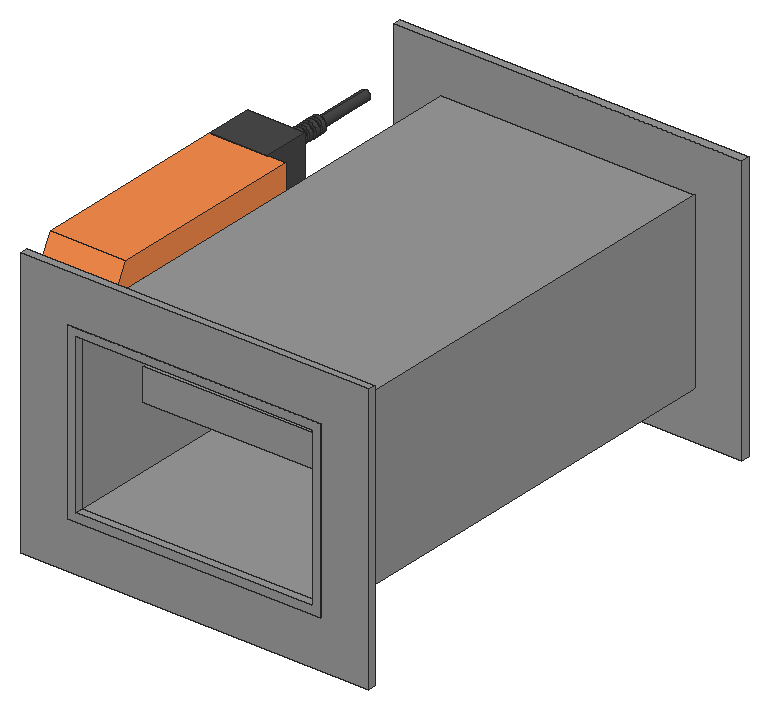
Revit family "Канальный прямоугольный SVK1-НО-ЕI60-C-MS220-0-Kb 24.02.26", category Арматура воздуховодов, Revit 2022 (continued)
Types (146, lengths in mm): name | Ширина | Число створок | Скорость воздуха в живом сечении | Скорость в канале | З/2 | Высота | Hed | ADSK_Расход воздуха | ADSK_Наименование краткое | ADSK_Наименование
  SVK1-НО-ЕI60-C-1000x550-GO-H-MSR220-0-Kb | 1000 | 1 | 1650.0 m/s | 3.0 m/s | 275 | 550 | 1123 | 5940.0 m³/h | "SVK1-НО-ЕI60-C-1000x550" | "SVK1-НО-ЕI60-C-1000x550-GO-H-MSR220-0-Kb"
  SVK1-НО-ЕI60-C-1000x600-GO-H-MSR220-0-Kb | 1000 | 1 | 1800.0 m/s | 3.0 m/s | 300 | 600 | 1123 | 6480.0 m³/h | "SVK1-НО-ЕI60-C-1000x600" | "SVK1-НО-ЕI60-C-1000x600-GO-H-MSR220-0-Kb"
  SVK1-НО-ЕI60-C-1000x650-GO-H-MSR220-0-Kb | 1000 | 1 | 1950.0 m/s | 3.0 m/s | 325 | 650 | 1123 | 7020.0 m³/h | "SVK1-НО-ЕI60-C-1000x650" | "SVK1-НО-ЕI60-C-1000x650-GO-H-MSR220-0-Kb"
  SVK1-НО-ЕI60-C-1000x700-GO-H-MSR220-0-Kb | 1000 | 1 | 2100.0 m/s | 3.0 m/s | 350 | 700 | 1123 | 7560.0 m³/h | "SVK1-НО-ЕI60-C-1000x700" | "SVK1-НО-ЕI60-C-1000x700-GO-H-MSR220-0-Kb"
  SVK1-НО-ЕI60-C-1000x750-GO-H-MSR220-0-Kb | 1000 | 1 | 2250.0 m/s | 3.0 m/s | 375 | 750 | 1123 | 8100.0 m³/h | "SVK1-НО-ЕI60-C-1000x750" | "SVK1-НО-ЕI60-C-1000x750-GO-H-MSR220-0-Kb"
  SVK1-НО-ЕI60-C-800x1000-GO-H-MSR220-0-Kb | 800 | 2 | 2400.0 m/s | 3.0 m/s | 250 | 1000 | 923 | 8640.0 m³/h | "SVK1-НО-ЕI60-C-800x1000" | "SVK1-НО-ЕI60-C-800x1000-GO-H-MSR220-0-Kb"
  SVK1-НО-ЕI60-C-850x1000-GO-H-MSR220-0-Kb | 850 | 2 | 2550.0 m/s | 3.0 m/s | 250 | 1000 | 973 | 9180.0 m³/h | "SVK1-НО-ЕI60-C-850x1000" | "SVK1-НО-ЕI60-C-850x1000-GO-H-MSR220-0-Kb"
  SVK1-НО-ЕI60-C-900x1000-GO-H-MSR220-0-Kb | 900 | 2 | 2700.0 m/s | 3.0 m/s | 250 | 1000 | 1023 | 9720.0 m³/h | "SVK1-НО-ЕI60-C-900x1000" | "SVK1-НО-ЕI60-C-900x1000-GO-H-MSR220-0-Kb"
  SVK1-НО-ЕI60-C-950x1000-GO-H-MSR220-0-Kb | 950 | 2 | 2850.0 m/s | 3.0 m/s | 250 | 1000 | 1073 | 10260.0 m³/h | "SVK1-НО-ЕI60-C-950x1000" | "SVK1-НО-ЕI60-C-950x1000-GO-H-MSR220-0-Kb"
  SVK1-НО-ЕI60-C-1000x1000-GO-H-MSR220-0-Kb | 1000 | 2 | 3000.0 m/s | 3.0 m/s | 250 | 1000 | 1123 | 10800.0 m³/h | "SVK1-НО-ЕI60-C-1000x1000" | "SVK1-НО-ЕI60-C-1000x1000-GO-H-MSR220-0-Kb"
  SVK1-НО-ЕI60-C-1000x300-GO-H-MSR220-0-Kb | 1000 | 1 | 1050.0 m/s | 3.5 m/s | 150 | 300 | 1123 | 3780.0 m³/h | "SVK1-НО-ЕI60-C-1000x300" | "SVK1-НО-ЕI60-C-1000x300-GO-H-MSR220-0-Kb"
  SVK1-НО-ЕI60-C-150x200-GO-H-MSR220-0-Kb | 150 | 1 | 67.5 m/s | 2.25 m/s | 100 | 200 | 273 | 243.0 m³/h | "SVK1-НО-ЕI60-C-150x200" | "SVK1-НО-ЕI60-C-150x200-GO-H-MSR220-0-Kb"
  SVK1-НО-ЕI60-C-1000x800-GO-H-MSR220-0-Kb | 1000 | 1 | 2250.0 m/s | 2.8125 m/s | 400 | 800 | 1123 | 8100.0 m³/h | "SVK1-НО-ЕI60-C-1000x800" | "SVK1-НО-ЕI60-C-1000x800-GO-H-MSR220-0-Kb"
  SVK1-НО-ЕI60-C-1300x500-GO-H-MSR220-0-Kb | 1300 | 1 | 2250.0 m/s | 3.46154 m/s | 250 | 500 | 1423 | 8100.0 m³/h | "SVK1-НО-ЕI60-C-1300x500" | "SVK1-НО-ЕI60-C-1300x500-GO-H-MSR220-0-Kb"
  SVK1-НО-ЕI60-C-1300x600-GO-H-MSR220-0-Kb | 1300 | 1 | 2250.0 m/s | 2.88462 m/s | 300 | 600 | 1423 | 8100.0 m³/h | "SVK1-НО-ЕI60-C-1300x600" | "SVK1-НО-ЕI60-C-1300x600-GO-H-MSR220-0-Kb"
  SVK1-НО-ЕI60-C-1300x800-GO-H-MSR220-0-Kb | 1300 | 1 | 2250.0 m/s | 2.16346 m/s | 400 | 800 | 1423 | 8100.0 m³/h | "SVK1-НО-ЕI60-C-1300x800" | "SVK1-НО-ЕI60-C-1300x800-GO-H-MSR220-0-Kb"
  SVK1-НО-ЕI60-C-1600x500-GO-H-MSR220-0-Kb | 1600 | 1 | 2250.0 m/s | 2.8125 m/s | 250 | 500 | 1723 | 8100.0 m³/h | "SVK1-НО-ЕI60-C-1600x500" | "SVK1-НО-ЕI60-C-1600x500-GO-H-MSR220-0-Kb"
